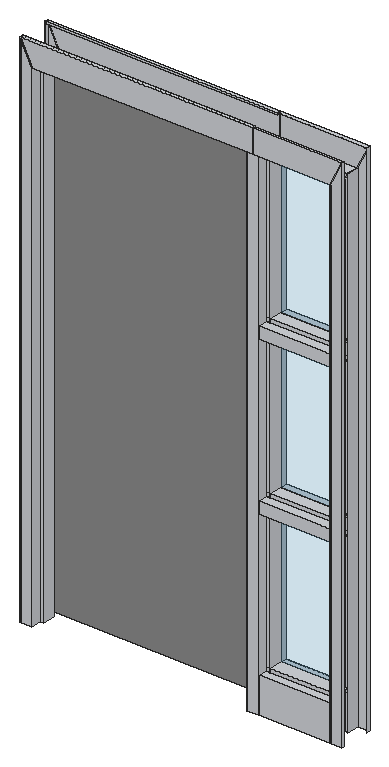
Revit family "Three SideLight Ext-F-MDMF-36 x 84 -18 LSLT-4 Head", category Doors, host Wall, Revit 2014
Parameters (values of type "Ext-F-MDMF-36" x 84"-18"LSLT-4" Head")
  Width = Door Panel Width  # 3' - 0"
  Wall Thickness [instance] = 0' - 5 3/4"
  URL = ""
  Type Comments = "EXT,"
  Thickness = 0' - 1 3/4"
  Swing Angle [instance] = 90.00°
  Sidelite Width = P1 Width - 0' 2"  # 1' - 0"
  SDI RO Spacing = 0' - 0"
  SDI Panel 1 Width = Leaf Width + 0' 0 3/16"  # 3' - 0"
  SDI No Panels = ""
  SDI Left Sidelite Width = Sidelite Width  # 1' - 0"
  SDI HW Set [instance] = ""
  SDI HW Item LO-2 [instance] = ""
  SDI HW Item LO-1 [instance] = ""
  SDI HW Item KP-2 [instance] = ""
  SDI HW Item KP-1 [instance] = ""
  SDI HW Item HI-2 [instance] = ""
  SDI HW Item HI-1 [instance] = ""
  SDI HW Item HC-2 [instance] = ""
  SDI HW Item HC-1 [instance] = ""
  SDI HW Item ED-2 [instance] = ""
  SDI HW Item ED-1 [instance] = ""
  SDI HW Item DO-2 [instance] = ""
  SDI HW Item DO-1 [instance] = ""
  SDI HW Item CL-2 [instance] = ""
  SDI HW Item CL-1 [instance] = ""
  SDI Glass Material = Glass
  SDI Frame Type = "Panel Left Sidelite"
  SDI Frame Sill Width = 0' - 6"
  SDI Frame Material Type = "Hollow Metal"
  SDI Frame Material = Paint - Generic - Prime
  SDI Frame Manufacturer = ""
  SDI Frame Jamb Width = 0' - 2"
  SDI Frame Head Width = 0' - 4"
  SDI Frame Finish Type = "Painted"
  SDI Frame Finish Color = "Prime"
  SDI Frame Depth [instance] = 0' - 5 3/4"
  SDI Family Version = "1.0"
  SDI Door Panel Type = "F"
  SDI Door Material Type = "Hollow Metal"
  SDI Door Material = Paint - Generic - Prime
  SDI Door Manufacturer = ""
  SDI Door Finish Type = "Painted"
  SDI Door Finish Color = "Prime"
  SDI Door Configuration = "SG"
  SDI Arch Frame Type [instance] = ""
  SDI Arch Frame Material Type [instance] = "HM"
  SDI Arch Door Panel Type [instance] = "F"
  SDI Arch Door Material Type [instance] = "HM"
  SDI Adjacent Wall Placement = 0' - 4"
  Rough Width = Frame Width - 0' 0" + 2 * SDI RO Spacing  # 4' - 6"
  Rough Height = Frame Height - 0' 0" + SDI RO Spacing  # 7' - 4"
  R1 Height = 7' - 2"
  P2 Width = 3' - 2"
  P1 Width = 1' - 2"
  Model = "Ext-F-MDMF-36\" x 84\"-18\"LSLT-4\" Head"
  Manufacturer = ""
  Leaf Width = P2 Width - 0' 2 3/16"  # 2' - 11 13/16"
  Height = Door Panel Height  # 7' - 0"
  Glass Offset [instance] = 0' 2 1/16" + (SDI Frame Depth - 0' 5 3/4") / 2  # 0' - 2 1/16"
  Function = Exterior
  Frame Width = P1 Width + P2 Width + 0' 2"  # 4' - 6"
  Frame Offset [instance] = if(Aligned Exterior, SDI Frame Depth / 2, if(Aligned Center, Wall Thickness / 2, if(Aligned Interior, Wall Thickness - SDI Frame Depth + SDI Frame Depth / 2, Aligned Other)))  # 0' - 2 7/8"
  Frame Height = R1 Height + 0' 2"  # 7' - 4"
  Fire Rating = ""
  Exterior Glazing [instance] = no
  Door Panel Width = P2 Width - 0' 2"  # 3' - 0"
  Door Panel Height = R1 Height + 0' 2" - (0' 4")  # 7' - 0"
  Door Offset [instance] = 0' 2 13/16" + (SDI Frame Depth - 0' 5 3/4") / 2  # 0' - 2 13/16"
  Description = "Three SideLight Hollow Metal Door with Hollow Metal Frame"
  Cost = 0
  Assembly Code = "B2030220"
  Analytic Construction = "<None>"
  Aligned Other [instance] = 0' - 0"
  Aligned Interior [instance] = no
  Aligned Exterior [instance] = yes
  Aligned Center [instance] = no
  ADA Clearance Lines = no
Reference planes (in)
  plane 1: y = 0
  plane 2 "Center (Left/Right)": x = 0
  plane 3 "Wall Edge": y = 2.875
  plane 4 "Wall Interior": y = -2.875
  plane 5 "ModelRefLevel": z = 0
  plane 6 "FrameDepthPlane": y = 0
  plane 7 "FrameFront": y = 2.875
  plane 8 "FrameBack": y = -2.875
  plane 9 "V0": x = 26
  plane 10 "V1": x = 12
  plane 11 "V2": x = -26
  plane 12 "H0": z = 1
  plane 13 "H1": z = 87
  plane 14 "InTermLeftJamb0": x = 25
  plane 15 "OutTermLeftJamb0": x = 27
  plane 16 "OutsideJamb1": x = 11
  plane 17 "InsideJamb1": x = 13
  plane 18 "InTermRightJamb2": x = -25
  plane 19 "OutTermRightJamb2": x = -27
  plane 20 "D0.151041666666667": y = 1.0625
  plane 21 "D0.109375": y = 1.5625
  plane 22 "DoorLeft": x = 11
  plane 23 "DoorRight": x = -25
  plane 24 "DoorCenter": x = -7
  plane 25 "DoorTop": z = 83.875
  plane 26 "DoorCenterTB": z = 41.9375
  plane 27 "DoorExtFace": y = 2.8125
  plane 28 "DoorGlassFace": y = 2.0625
  plane 29 "LockCenterLine": z = 41.3125
  plane 30 "ActDoorRight": x = -24.90625
  plane 31 "SwingClrPlane": y = 62.875
  plane 32 "SwingPartialPlane": y = 50.875
  plane 33 "LeftAdjWall": x = 31
  plane 34: z = 44
  plane 35: z = 57.5625
  plane 36: z = 31.25
  plane 37: z = 4.9375
Forms (in)
  Extrusion 1, solid
    sketch origin (145.6875, 0, 44) x (-1, 0, 0) y (0, -1, 0)
      loop
        line (118.6875, -2.375) -> (118.6875, -2.875) -> (120.6875, -2.875) -> (120.6875, -0.9375) -> (121.3125, -0.9375) -> (121.3125, 1.3125) -> (120.6875, 1.3125) -> (120.6875, 2.875) -> (118.6875, 2.875) -> (118.6875, 2.4375) -> (118.75, 2.4375) -> (118.75, 2.8125) -> (120.625, 2.8125) -> (120.625, 1.25) -> (121.25, 1.25) -> (121.25, -0.875) -> (120.625, -0.875) -> (120.625, -2.8125) -> (118.75, -2.8125) -> (118.75, -2.375) -> (118.6875, -2.375)
    from -44 to 44
  Extrusion 2, void
    sketch origin (0, 2.875, 0) x (1, 0, 0) y (0, 0, 1)
      loop
        line (27, 88) -> (24.375, 88) -> (24.375, 82.75) -> (27, 88)
    from -12 to 12
  Extrusion 3, solid
    sketch origin (132, 0, 42) x (-1, 0, 0) y (0, -1, 0)
      loop
        line (119, -2.875) -> (121, -2.875) -> (121, -0.9375) -> (121.625, -0.9375) -> (121.625, 1.3125) -> (121, 1.3125) -> (121, 2.875) -> (119, 2.875) -> (119, 1.3125) -> (118.375, 1.3125) -> (118.375, -0.9375) -> (119, -0.9375) -> (119, -2.875)
      loop
        line (119.0625, -2.8125) -> (120.9375, -2.8125) -> (120.9375, -0.875) -> (121.5625, -0.875) -> (121.5625, 1.25) -> (120.9375, 1.25) -> (120.9375, 2.8125) -> (119.0625, 2.8125) -> (119.0625, 1.25) -> (118.4375, 1.25) -> (118.4375, -0.875) -> (119.0625, -0.875) -> (119.0625, -2.8125)
    from -42 to 42
  Extrusion 4, solid
    sketch origin (94.3125, 0, 44) x (-1, 0, 0) y (0, -1, 0)
      loop
        line (121.25, -2.375) -> (121.25, -2.8125) -> (119.375, -2.8125) -> (119.375, -0.875) -> (118.75, -0.875) -> (118.75, 1.25) -> (119.375, 1.25) -> (119.375, 2.8125) -> (121.25, 2.8125) -> (121.25, 2.4375) -> (121.3125, 2.4375) -> (121.3125, 2.875) -> (119.3125, 2.875) -> (119.3125, 1.3125) -> (118.6875, 1.3125) -> (118.6875, -0.9375) -> (119.3125, -0.9375) -> (119.3125, -2.875) -> (121.3125, -2.875) -> (121.3125, -2.375) -> (121.25, -2.375)
    from -44 to 44
  Extrusion 5, void
    sketch origin (0, 2.875, 0) x (1, 0, 0) y (0, 0, 1)
      loop
        line (-27, 88) -> (-24.375, 82.75) -> (-24.375, 88) -> (-27, 88)
    from -12 to 12
  Extrusion 6, solid
    sketch origin (19, 0, 3.3125) x (0, 1, 0) y (0, 0, 1)
      loop
        line (2.375, -3.3125) -> (2.875, -3.3125) -> (2.875, 2.6875) -> (0.9375, 2.6875) -> (0.9375, 3.3125) -> (-1.3125, 3.3125) -> (-1.3125, 2.6875) -> (-2.875, 2.6875) -> (-2.875, -3.3125) -> (-2.4375, -3.3125) -> (-2.4375, -3.25) -> (-2.8125, -3.25) -> (-2.8125, 2.625) -> (-1.25, 2.625) -> (-1.25, 3.25) -> (0.875, 3.25) -> (0.875, 2.625) -> (2.8125, 2.625) -> (2.8125, -3.25) -> (2.375, -3.25) -> (2.375, -3.3125)
    from -6 to 6
  Extrusion 7, solid
    sketch origin (19.5, 0, 85.6875) x (0, 1, 0) y (0, 0, 1)
      loop
        line (2.375, 2.25) -> (2.8125, 2.25) -> (2.8125, -1.625) -> (0.875, -1.625) -> (0.875, -2.25) -> (-1.25, -2.25) -> (-1.25, -1.625) -> (-2.8125, -1.625) -> (-2.8125, 2.25) -> (-2.4375, 2.25) -> (-2.4375, 2.3125) -> (-2.875, 2.3125) -> (-2.875, -1.6875) -> (-1.3125, -1.6875) -> (-1.3125, -2.3125) -> (0.9375, -2.3125) -> (0.9375, -1.6875) -> (2.875, -1.6875) -> (2.875, 2.3125) -> (2.375, 2.3125) -> (2.375, 2.25)
    from -7.5 to 7.5
  Extrusion 8, void
    sketch origin (0, 2.875, 0) x (1, 0, 0) y (0, 0, 1)
      loop
        line (27, 88) -> (24.6875, 83.375) -> (27, 83.375) -> (27, 88)
    from -12 to 12
  Extrusion 9, solid
    sketch origin (-7.5, 0, 85.6875) x (0, 1, 0) y (0, 0, 1)
      loop
        line (2.4375, 1.9375) -> (2.4375, 2.25) -> (2.8125, 2.25) -> (2.8125, -1.625) -> (0.875, -1.625) -> (0.875, -2.25) -> (-1.25, -2.25) -> (-1.25, -1.625) -> (-2.8125, -1.625) -> (-2.8125, 2.25) -> (-2.4375, 2.25) -> (-2.4375, 1.9375) -> (-2.375, 1.9375) -> (-2.375, 2.3125) -> (-2.875, 2.3125) -> (-2.875, -1.6875) -> (-1.3125, -1.6875) -> (-1.3125, -2.3125) -> (0.9375, -2.3125) -> (0.9375, -1.6875) -> (2.875, -1.6875) -> (2.875, 2.3125) -> (2.375, 2.3125) -> (2.375, 1.9375) -> (2.4375, 1.9375)
    from -19.5 to 19.5
  Extrusion 10, void
    sketch origin (0, 2.875, 0) x (1, 0, 0) y (0, 0, 1)
      loop
        line (-27, 88) -> (-27, 83.375) -> (-24.6875, 83.375) -> (-27, 88)
    from -12 to 12
  Extrusion 11, solid, material "Glass" <- "SDI Glass Material"
    sketch origin (-60, 1.0625, -12) x (1, 0, 0) y (0, 0, 1)
      loop
        line (85, 18) -> (85, 42.25) -> (73, 42.25) -> (73, 18) -> (85, 18)
      loop
        line (73, 96) -> (73, 70.5625) -> (85, 70.5625) -> (85, 96) -> (73, 96)
      loop
        line (85, 68.5625) -> (73, 68.5625) -> (73, 44.25) -> (85, 44.25) -> (85, 68.5625)
    from -0.125 to 0.125
  Extrusion 12, solid, material "Glass" <- "SDI Glass Material", visible <- "Exterior Glazing"
    sketch origin (-60, 1.5625, -12) x (1, 0, 0) y (0, 0, 1)
      loop
        line (85, 18) -> (85, 41.6875) -> (73, 41.6875) -> (73, 18) -> (85, 18)
      loop
        line (73, 96) -> (73, 70.5625) -> (85, 70.5625) -> (85, 96) -> (73, 96)
      loop
        line (85, 68.625) -> (73, 68.625) -> (73, 44.25) -> (85, 44.25) -> (85, 68.625)
    from -0.125 to 0.125
  Extrusion 13, solid, material "Paint - Generic - Prime" <- "SDI Door Material"
    sketch origin (-60, 2.8125, -12) x (1, 0, 0) y (0, 0, 1)
      loop
        line (35.09375, 12.625) -> (70.90625, 12.625) -> (70.90625, 95.875) -> (35.09375, 95.875) -> (35.09375, 12.625)
    from 0 to 1.75
  Sweep 14, solid
    path origin (0, 2.875, 0) x (1, 0, 0) y (0, 0, 1)
      loop
        line (25, 44) -> (13, 44)
    profile origin (19, 2.875, 44) x (0, 0, -1) y (0, -1, 0)
      loop
        line (-12, 4.125) -> (-12.625, 4.125) -> (-12.625, 5.6875) -> (-14.5, 5.6875) -> (-14.5, 4.125) -> (-15.125, 4.125) -> (-15.125, 2) -> (-14.5, 2) -> (-14.5, 0.0625) -> (-12.625, 0.0625) -> (-12.625, 2) -> (-12, 2) -> (-12, 4.125)
      loop
        line (-14.5625, 0) -> (-12.5625, 0) -> (-12.5625, 1.9375) -> (-11.9375, 1.9375) -> (-11.9375, 4.1875) -> (-12.5625, 4.1875) -> (-12.5625, 5.75) -> (-14.5625, 5.75) -> (-14.5625, 4.1875) -> (-15.1875, 4.1875) -> (-15.1875, 1.9375) -> (-14.5625, 1.9375) -> (-14.5625, 0)
      loop
        line (14.3125, 4.125) -> (13.6875, 4.125) -> (13.6875, 5.6875) -> (11.8125, 5.6875) -> (11.8125, 4.125) -> (11.1875, 4.125) -> (11.1875, 2) -> (11.8125, 2) -> (11.8125, 0.0625) -> (13.6875, 0.0625) -> (13.6875, 2) -> (14.3125, 2) -> (14.3125, 4.125)
      loop
        line (11.75, 0) -> (13.75, 0) -> (13.75, 1.9375) -> (14.375, 1.9375) -> (14.375, 4.1875) -> (13.75, 4.1875) -> (13.75, 5.75) -> (11.75, 5.75) -> (11.75, 4.1875) -> (11.125, 4.1875) -> (11.125, 1.9375) -> (11.75, 1.9375) -> (11.75, 0)
Cuts and joins
  Extrusion 2 cuts Extrusion 1
  Extrusion 5 cuts Extrusion 4
  Extrusion 8 cuts Extrusion 7
  Extrusion 10 cuts Extrusion 9
Lines and regions (in)
  Opening 1
    outline origin (-60, -2.875, 0) x (1, 0, 0) y (0, 0, 1)
      loop
        line (87, 0) -> (87, 88) -> (33, 88) -> (33, 0) -> (87, 0)
  symbolic lines, style "DoorsFrameMullionProjection", detail levels fine
    curve 1: line (27, 2.375, 0) -> (27, 2.875, 0)
    curve 2: line (27, 2.875, 0) -> (25, 2.875, 0)
    curve 3: line (25, 2.875, 0) -> (25, 0.9375, 0)
    curve 4: line (25, 0.9375, 0) -> (24.375, 0.9375, 0)
    curve 5: line (24.375, 0.9375, 0) -> (24.375, -1.3125, 0)
    curve 6: line (24.375, -1.3125, 0) -> (25, -1.3125, 0)
    curve 7: line (25, -1.3125, 0) -> (25, -2.875, 0)
    curve 8: line (25, -2.875, 0) -> (27, -2.875, 0)
    curve 9: line (27, -2.875, 0) -> (27, -2.4375, 0)
    curve 10: line (27, -2.4375, 0) -> (26.9375, -2.4375, 0)
    curve 11: line (26.9375, -2.4375, 0) -> (26.9375, -2.8125, 0)
    curve 12: line (26.9375, -2.8125, 0) -> (25.0625, -2.8125, 0)
    curve 13: line (25.0625, -2.8125, 0) -> (25.0625, -1.25, 0)
    curve 14: line (25.0625, -1.25, 0) -> (24.4375, -1.25, 0)
    curve 15: line (24.4375, -1.25, 0) -> (24.4375, 0.875, 0)
    curve 16: line (24.4375, 0.875, 0) -> (25.0625, 0.875, 0)
    curve 17: line (25.0625, 0.875, 0) -> (25.0625, 2.8125, 0)
    curve 18: line (25.0625, 2.8125, 0) -> (26.9375, 2.8125, 0)
    curve 19: line (26.9375, 2.8125, 0) -> (26.9375, 2.375, 0)
    curve 20: line (26.9375, 2.375, 0) -> (27, 2.375, 0)
    curve 25: line (13, 2.875, 0) -> (11, 2.875, 0)
    curve 26: line (11, 2.875, 0) -> (11, 0.9375, 0)
    curve 27: line (11, 0.9375, 0) -> (10.375, 0.9375, 0)
    curve 28: line (10.375, 0.9375, 0) -> (10.375, -1.3125, 0)
    curve 29: line (10.375, -1.3125, 0) -> (11, -1.3125, 0)
    curve 30: line (11, -1.3125, 0) -> (11, -2.875, 0)
    curve 31: line (11, -2.875, 0) -> (13, -2.875, 0)
    curve 32: line (13, -2.875, 0) -> (13, -1.3125, 0)
    curve 33: line (13, -1.3125, 0) -> (13.625, -1.3125, 0)
    curve 34: line (13.625, -1.3125, 0) -> (13.625, 0.9375, 0)
    curve 35: line (13.625, 0.9375, 0) -> (13, 0.9375, 0)
    curve 36: line (13, 0.9375, 0) -> (13, 2.875, 0)
    curve 37: line (12.9375, 2.8125, 0) -> (11.0625, 2.8125, 0)
    curve 38: line (11.0625, 2.8125, 0) -> (11.0625, 0.875, 0)
    curve 39: line (11.0625, 0.875, 0) -> (10.4375, 0.875, 0)
    curve 40: line (10.4375, 0.875, 0) -> (10.4375, -1.25, 0)
    curve 41: line (10.4375, -1.25, 0) -> (11.0625, -1.25, 0)
    curve 42: line (11.0625, -1.25, 0) -> (11.0625, -2.8125, 0)
    curve 43: line (11.0625, -2.8125, 0) -> (12.9375, -2.8125, 0)
    curve 44: line (12.9375, -2.8125, 0) -> (12.9375, -1.25, 0)
    curve 45: line (12.9375, -1.25, 0) -> (13.5625, -1.25, 0)
    curve 46: line (13.5625, -1.25, 0) -> (13.5625, 0.875, 0)
    curve 47: line (13.5625, 0.875, 0) -> (12.9375, 0.875, 0)
    curve 48: line (12.9375, 0.875, 0) -> (12.9375, 2.8125, 0)
    curve 53: line (-26.9375, 2.375, 0) -> (-26.9375, 2.8125, 0)
    curve 54: line (-26.9375, 2.8125, 0) -> (-25.0625, 2.8125, 0)
    curve 55: line (-25.0625, 2.8125, 0) -> (-25.0625, 0.875, 0)
    curve 56: line (-25.0625, 0.875, 0) -> (-24.4375, 0.875, 0)
    curve 57: line (-24.4375, 0.875, 0) -> (-24.4375, -1.25, 0)
    curve 58: line (-24.4375, -1.25, 0) -> (-25.0625, -1.25, 0)
    curve 59: line (-25.0625, -1.25, 0) -> (-25.0625, -2.8125, 0)
    curve 60: line (-25.0625, -2.8125, 0) -> (-26.9375, -2.8125, 0)
    curve 61: line (-26.9375, -2.8125, 0) -> (-26.9375, -2.4375, 0)
    curve 62: line (-26.9375, -2.4375, 0) -> (-27, -2.4375, 0)
    curve 63: line (-27, -2.4375, 0) -> (-27, -2.875, 0)
    curve 64: line (-27, -2.875, 0) -> (-25, -2.875, 0)
    curve 65: line (-25, -2.875, 0) -> (-25, -1.3125, 0)
    curve 66: line (-25, -1.3125, 0) -> (-24.375, -1.3125, 0)
    curve 67: line (-24.375, -1.3125, 0) -> (-24.375, 0.9375, 0)
    curve 68: line (-24.375, 0.9375, 0) -> (-25, 0.9375, 0)
    curve 69: line (-25, 0.9375, 0) -> (-25, 2.875, 0)
    curve 70: line (-25, 2.875, 0) -> (-27, 2.875, 0)
    curve 71: line (-27, 2.875, 0) -> (-27, 2.375, 0)
    curve 72: line (-27, 2.375, 0) -> (-26.9375, 2.375, 0)
  symbolic lines, style "DoorsFrameMullionProjection", detail levels coarse+medium
    curve 21: line (25, -2.875, 0) -> (27, -2.875, 0)
    curve 22: line (25, 2.875, 0) -> (27, 2.875, 0)
    curve 23: line (25, -2.875, 0) -> (25, 2.875, 0)
    curve 24: line (27, -2.875, 0) -> (27, 2.875, 0)
    curve 49: line (11, -2.875, 0) -> (13, -2.875, 0)
    curve 50: line (11, 2.875, 0) -> (13, 2.875, 0)
    curve 51: line (11, -2.875, 0) -> (11, 2.875, 0)
    curve 52: line (13, -2.875, 0) -> (13, 2.875, 0)
    curve 73: line (-27, -2.875, 0) -> (-25, -2.875, 0)
    curve 74: line (-27, 2.875, 0) -> (-25, 2.875, 0)
    curve 75: line (-27, -2.875, 0) -> (-27, 2.875, 0)
    curve 76: line (-25, -2.875, 0) -> (-25, 2.875, 0)
  symbolic lines, style "Elevation Swing"
    curve 77: line (10.90625, 2.875, 83.875) -> (-24.90625, 2.875, 41.9375)
    curve 78: line (10.90625, 2.875, 0) -> (-24.90625, 2.875, 41.9375)
  symbolic lines, style "ADA Clearance", visible <- "ADA Clearance Lines"
    curve 79: line (-27, 2.875, 0) -> (-27, 62.875, 0)
    curve 80: line (29, 62.875, 0) -> (-27, 62.875, 0)
    curve 81: line (29, 50.875, 0) -> (-27, 50.875, 0)
    curve 82: line (29, 2.875, 0) -> (29, 62.875, 0)
    curve 83: line (-27, -2.875, 0) -> (-27, -50.875, 0)
    curve 84: line (23, -50.875, 0) -> (-27, -50.875, 0)
    curve 85: line (23, -2.875, 0) -> (23, -50.875, 0)
Text (in)
  text "Placement Side" at (0, 40.15149, 123.01588), in view "Right"
  text "Placement Side" at (-70.3804, 28.46503, 0), in view "Ref. Level"
  text "Placement Side" at (0, 81.62555, 140.59947), in view "Left"
Dimensions and locks (in)
  locked: plane 3 "Wall Edge" to host wall
  equal spacing: host wall, plane 2 "Center (Left/Right)", host wall
  "Rough Width": host wall to host wall
  "Rough Height": level to host wall
  equal spacing: plane 3 "Wall Edge", plane 1, plane 4 "Wall Interior"
  "Wall Thickness": host wall to host wall
  "Frame Offset": plane 3 "Wall Edge" to plane 6 "FrameDepthPlane"
  equal spacing: plane 7 "FrameFront", plane 6 "FrameDepthPlane", plane 8 "FrameBack"
  "SDI Frame Depth": plane 7 "FrameFront" to plane 8 "FrameBack"
  equal spacing: plane 9 "V0", plane 2 "Center (Left/Right)", plane 11 "V2"
  "P1 Width": plane 9 "V0" to plane 10 "V1"
  "P2 Width": plane 10 "V1" to plane 11 "V2"
  "R1 Height": plane 12 "H0" to plane 13 "H1"
  locked: plane 13 "H1" to Extrusion 1 at 1
  locked: plane 12 "H0" to Extrusion 1 at 1
  locked: plane 9 "V0" to Extrusion 1 at 1  (x4)
  locked: plane 9 "V0" to Extrusion 1 at 0.9375  (x5)
  locked: plane 9 "V0" to Extrusion 1 at 1.5625
  locked: plane 9 "V0" to Extrusion 1 at 1.625
  locked: plane 9 "V0" to curve 1 at 1
  locked: plane 9 "V0" to curve 2 at 1
  locked: plane 9 "V0" to curve 3 at 1
  locked: plane 9 "V0" to curve 4 at 1
  locked: plane 9 "V0" to curve 5 at 1.625
  locked: plane 9 "V0" to curve 6 at 1.625
  locked: plane 9 "V0" to curve 7 at 1
  locked: plane 9 "V0" to curve 8 at 1
  locked: plane 9 "V0" to curve 9 at 1
  locked: plane 9 "V0" to curve 10 at 1
  locked: plane 9 "V0" to curve 11 at 0.9375
  locked: plane 9 "V0" to curve 12 at 0.9375
  locked: plane 9 "V0" to curve 13 at 0.9375
  locked: plane 9 "V0" to curve 14 at 0.9375
  locked: plane 9 "V0" to curve 15 at 1.5625
  locked: plane 9 "V0" to curve 16 at 1.5625
  locked: plane 9 "V0" to curve 17 at 0.9375
  locked: plane 9 "V0" to curve 18 at 0.9375
  locked: plane 9 "V0" to curve 19 at 0.9375
  locked: plane 9 "V0" to curve 20 at 0.9375
  locked: plane 9 "V0" to plane 15 "OutTermLeftJamb0" at 1
  locked: plane 9 "V0" to plane 14 "InTermLeftJamb0" at 1
  locked: plane 9 "V0" to curve 21 at 1
  locked: plane 9 "V0" to curve 22 at 1
  locked: plane 9 "V0" to curve 23 at 1
  locked: plane 9 "V0" to curve 24 at 1
  locked: plane 13 "H1" to Extrusion 3 at 3
  locked: plane 12 "H0" to Extrusion 3 at 1
  locked: plane 10 "V1" to Extrusion 3 at 1  (x5)
  locked: plane 10 "V1" to Extrusion 3 at 1.625  (x2)
  locked: plane 10 "V1" to Extrusion 3 at 0.9375  (x4)
  locked: plane 10 "V1" to Extrusion 3 at 1.5625  (x2)
  locked: plane 10 "V1" to curve 25 at 1
  locked: plane 10 "V1" to curve 26 at 1
  locked: plane 10 "V1" to curve 27 at 1
  locked: plane 10 "V1" to curve 28 at 1.625
  locked: plane 10 "V1" to curve 29 at 1.625
  locked: plane 10 "V1" to curve 30 at 1
  locked: plane 10 "V1" to curve 31 at 1
  locked: plane 10 "V1" to curve 32 at 1
  locked: plane 10 "V1" to curve 33 at 1
  locked: plane 10 "V1" to curve 34 at 1.625
  locked: plane 10 "V1" to curve 35 at 1.625
  locked: plane 10 "V1" to curve 36 at 1
  locked: plane 10 "V1" to curve 37 at 0.9375
  locked: plane 10 "V1" to curve 38 at 0.9375
  locked: plane 10 "V1" to curve 39 at 0.9375
  locked: plane 10 "V1" to curve 40 at 1.5625
  locked: plane 10 "V1" to curve 41 at 1.5625
  locked: plane 10 "V1" to curve 42 at 0.9375
  locked: plane 10 "V1" to curve 43 at 0.9375
  locked: plane 10 "V1" to curve 44 at 0.9375
  locked: plane 10 "V1" to curve 45 at 0.9375
  locked: plane 10 "V1" to curve 46 at 1.5625
  locked: plane 10 "V1" to curve 47 at 1.5625
  locked: plane 10 "V1" to curve 48 at 0.9375
  locked: plane 10 "V1" to plane 16 "OutsideJamb1" at 1
  locked: plane 10 "V1" to plane 17 "InsideJamb1" at 1
  locked: plane 10 "V1" to curve 49 at 1
  locked: plane 10 "V1" to curve 50 at 1
  locked: plane 10 "V1" to curve 51 at 1
  locked: plane 10 "V1" to curve 52 at 1
  locked: plane 13 "H1" to Extrusion 4 at 1
  locked: plane 12 "H0" to Extrusion 4 at 1
  locked: plane 11 "V2" to Extrusion 4 at 0.9375  (x4)
  locked: plane 11 "V2" to Extrusion 4 at 1  (x5)
  locked: plane 11 "V2" to Extrusion 4 at 1.625
  locked: plane 11 "V2" to Extrusion 4 at 1.5625
  locked: plane 11 "V2" to curve 53 at 0.9375
  locked: plane 11 "V2" to curve 54 at 0.9375
  locked: plane 11 "V2" to curve 55 at 0.9375
  locked: plane 11 "V2" to curve 56 at 0.9375
  locked: plane 11 "V2" to curve 57 at 1.5625
  locked: plane 11 "V2" to curve 58 at 1.5625
  locked: plane 11 "V2" to curve 59 at 0.9375
  locked: plane 11 "V2" to curve 60 at 0.9375
  locked: plane 11 "V2" to curve 61 at 0.9375
  locked: plane 11 "V2" to curve 62 at 0.9375
  locked: plane 11 "V2" to curve 63 at 1
  locked: plane 11 "V2" to curve 64 at 1
  locked: plane 11 "V2" to curve 65 at 1
  locked: plane 11 "V2" to curve 66 at 1
  locked: plane 11 "V2" to curve 67 at 1.625
  locked: plane 11 "V2" to curve 68 at 1.625
  locked: plane 11 "V2" to curve 69 at 1
  locked: plane 11 "V2" to curve 70 at 1
  locked: plane 11 "V2" to curve 71 at 1
  locked: plane 11 "V2" to curve 72 at 1
  locked: plane 11 "V2" to plane 18 "InTermRightJamb2" at 1
  locked: plane 11 "V2" to plane 19 "OutTermRightJamb2" at 1
  locked: plane 11 "V2" to curve 73 at 1
  locked: plane 11 "V2" to curve 74 at 1
  locked: plane 11 "V2" to curve 75 at 1
  locked: plane 11 "V2" to curve 76 at 1
  locked: plane 9 "V0" to Extrusion 6 at 1
  locked: plane 10 "V1" to Extrusion 6 at 1
  locked: plane 12 "H0" to Extrusion 6 at 5  (x2)
  locked: plane 12 "H0" to Extrusion 6 at 5.625
  locked: plane 12 "H0" to Extrusion 6 at 0.9375  (x2)
  locked: plane 12 "H0" to Extrusion 6 at 1  (x3)
  locked: plane 12 "H0" to Extrusion 6 at 4.9375  (x2)
  locked: plane 12 "H0" to Extrusion 6 at 5.5625
  locked: plane 9 "V0" to Extrusion 7 at 1
  locked: plane 13 "H1" to Extrusion 7 at 2.9375  (x2)
  locked: plane 13 "H1" to Extrusion 7 at 3.5625
  locked: plane 13 "H1" to Extrusion 7 at 1  (x2)
  locked: plane 13 "H1" to Extrusion 7 at 0.9375  (x3)
  locked: plane 13 "H1" to Extrusion 7 at 3  (x2)
  locked: plane 13 "H1" to Extrusion 7 at 3.625
  locked: plane 11 "V2" to Extrusion 9 at 1
  locked: plane 13 "H1" to Extrusion 9 at 2.9375  (x2)
  locked: plane 13 "H1" to Extrusion 9 at 3.5625
  locked: plane 13 "H1" to Extrusion 9 at 1  (x2)
  locked: plane 13 "H1" to Extrusion 9 at 0.9375  (x3)
  locked: plane 13 "H1" to Extrusion 9 at 0.625  (x2)
  locked: plane 13 "H1" to Extrusion 9 at 3  (x2)
  locked: plane 13 "H1" to Extrusion 9 at 3.625
  locked: plane 7 "FrameFront" to cut or joined group of Extrusion 1, Extrusion 2 at 1.9375
  locked: plane 7 "FrameFront" to cut or joined group of Extrusion 1, Extrusion 2 at 2
  locked: plane 7 "FrameFront" to cut or joined group of Extrusion 1, Extrusion 2 at 0.0625
  locked: plane 7 "FrameFront" to cut or joined group of Extrusion 1, Extrusion 2 at 0.5
  locked: plane 8 "FrameBack" to cut or joined group of Extrusion 1, Extrusion 2 at 1.5625
  locked: plane 8 "FrameBack" to cut or joined group of Extrusion 1, Extrusion 2 at 0.4375
  locked: plane 8 "FrameBack" to cut or joined group of Extrusion 1, Extrusion 2 at 0.0625
  locked: plane 8 "FrameBack" to cut or joined group of Extrusion 1, Extrusion 2 at 1.625
  locked: plane 7 "FrameFront" to Extrusion 3 at 1.9375  (x2)
  locked: plane 7 "FrameFront" to Extrusion 3 at 0.0625
  locked: plane 7 "FrameFront" to Extrusion 3 at 2  (x2)
  locked: plane 8 "FrameBack" to Extrusion 3 at 1.5625  (x2)
  locked: plane 8 "FrameBack" to Extrusion 3 at 1.625  (x2)
  locked: plane 8 "FrameBack" to Extrusion 3 at 0.0625
  locked: plane 7 "FrameFront" to cut or joined group of Extrusion 4, Extrusion 5 at 0.0625
  locked: plane 7 "FrameFront" to cut or joined group of Extrusion 4, Extrusion 5 at 2
  locked: plane 7 "FrameFront" to cut or joined group of Extrusion 4, Extrusion 5 at 1.9375
  locked: plane 7 "FrameFront" to cut or joined group of Extrusion 4, Extrusion 5 at 0.5
  locked: plane 8 "FrameBack" to cut or joined group of Extrusion 4, Extrusion 5 at 1.625
  locked: plane 8 "FrameBack" to cut or joined group of Extrusion 4, Extrusion 5 at 0.0625
  locked: plane 8 "FrameBack" to cut or joined group of Extrusion 4, Extrusion 5 at 0.4375
  locked: plane 8 "FrameBack" to cut or joined group of Extrusion 4, Extrusion 5 at 1.5625
  locked: plane 7 "FrameFront" to Extrusion 6 at 1.9375
  locked: plane 7 "FrameFront" to Extrusion 6 at 2
  locked: plane 7 "FrameFront" to Extrusion 6 at 0.0625
  locked: plane 7 "FrameFront" to Extrusion 6 at 0.5
  locked: plane 8 "FrameBack" to Extrusion 6 at 1.5625
  locked: plane 8 "FrameBack" to Extrusion 6 at 0.4375
  locked: plane 8 "FrameBack" to Extrusion 6 at 0.0625
  locked: plane 8 "FrameBack" to Extrusion 6 at 1.625
  locked: plane 7 "FrameFront" to cut or joined group of Extrusion 7, Extrusion 8 at 0.0625
  locked: plane 7 "FrameFront" to cut or joined group of Extrusion 7, Extrusion 8 at 2
  locked: plane 7 "FrameFront" to cut or joined group of Extrusion 7, Extrusion 8 at 1.9375
  locked: plane 7 "FrameFront" to cut or joined group of Extrusion 7, Extrusion 8 at 0.5
  locked: plane 8 "FrameBack" to cut or joined group of Extrusion 7, Extrusion 8 at 1.625
  locked: plane 8 "FrameBack" to cut or joined group of Extrusion 7, Extrusion 8 at 0.0625
  locked: plane 8 "FrameBack" to cut or joined group of Extrusion 7, Extrusion 8 at 0.4375
  locked: plane 8 "FrameBack" to cut or joined group of Extrusion 7, Extrusion 8 at 1.5625
  locked: plane 7 "FrameFront" to cut or joined group of Extrusion 9, Extrusion 10 at 0.0625
  locked: plane 7 "FrameFront" to cut or joined group of Extrusion 9, Extrusion 10 at 2
  locked: plane 7 "FrameFront" to cut or joined group of Extrusion 9, Extrusion 10 at 1.9375
  locked: plane 7 "FrameFront" to cut or joined group of Extrusion 9, Extrusion 10 at 0.5
  locked: plane 7 "FrameFront" to cut or joined group of Extrusion 9, Extrusion 10 at 0.4375
  locked: plane 8 "FrameBack" to cut or joined group of Extrusion 9, Extrusion 10 at 1.625
  locked: plane 8 "FrameBack" to cut or joined group of Extrusion 9, Extrusion 10 at 0.0625
  locked: plane 8 "FrameBack" to cut or joined group of Extrusion 9, Extrusion 10 at 0.4375
  locked: plane 8 "FrameBack" to cut or joined group of Extrusion 9, Extrusion 10 at 0.5
  locked: plane 8 "FrameBack" to cut or joined group of Extrusion 9, Extrusion 10 at 1.5625
  locked: plane 7 "FrameFront" to curve 4 at 1.9375
  locked: plane 7 "FrameFront" to curve 16 at 2
  locked: plane 7 "FrameFront" to curve 18 at 0.0625
  locked: plane 7 "FrameFront" to curve 20 at 0.5
  locked: plane 7 "FrameFront" to curve 27 at 1.9375
  locked: plane 7 "FrameFront" to curve 35 at 1.9375
  locked: plane 7 "FrameFront" to curve 37 at 0.0625
  locked: plane 7 "FrameFront" to curve 39 at 2
  locked: plane 7 "FrameFront" to curve 47 at 2
  locked: plane 7 "FrameFront" to curve 54 at 0.0625
  locked: plane 7 "FrameFront" to curve 56 at 2
  locked: plane 7 "FrameFront" to curve 68 at 1.9375
  locked: plane 7 "FrameFront" to curve 72 at 0.5
  locked: plane 8 "FrameBack" to curve 6 at 1.5625
  locked: plane 8 "FrameBack" to curve 10 at 0.4375
  locked: plane 8 "FrameBack" to curve 12 at 0.0625
  locked: plane 8 "FrameBack" to curve 14 at 1.625
  locked: plane 8 "FrameBack" to curve 29 at 1.5625
  locked: plane 8 "FrameBack" to curve 33 at 1.5625
  locked: plane 8 "FrameBack" to curve 41 at 1.625
  locked: plane 8 "FrameBack" to curve 43 at 0.0625
  locked: plane 8 "FrameBack" to curve 45 at 1.625
  locked: plane 8 "FrameBack" to curve 58 at 1.625
  locked: plane 8 "FrameBack" to curve 60 at 0.0625
  locked: plane 8 "FrameBack" to curve 62 at 0.4375
  locked: plane 8 "FrameBack" to curve 66 at 1.5625
  locked: plane 7 "FrameFront" to Extrusion 11 at 1.9375
  locked: plane 7 "FrameFront" to Extrusion 11 at 1.6875
  locked: plane 7 "FrameFront" to Extrusion 12 at 1.4375
  locked: plane 7 "FrameFront" to Extrusion 12 at 1.1875
  locked: plane 10 "V1" to plane 22 "DoorLeft" at 1
  locked: plane 11 "V2" to plane 23 "DoorRight" at 1
  locked: plane 13 "H1" to plane 25 "DoorTop" at 3.125
  equal spacing: plane 25 "DoorTop", plane 26 "DoorCenterTB", plane 5 "ModelRefLevel"
  "Door Offset": plane 6 "FrameDepthPlane" to plane 27 "DoorExtFace"
  "Glass Offset": plane 6 "FrameDepthPlane" to plane 28 "DoorGlassFace"
  locked: plane 29 "LockCenterLine" to plane 5 "ModelRefLevel" at 41.3125
  locked: Extrusion 13 to Extrusion 13 at 1.75
  locked: plane 22 "DoorLeft" to Extrusion 13 at 0.09375
  locked: plane 23 "DoorRight" to Extrusion 13 at 0.09375
  locked: plane 5 "ModelRefLevel" to Extrusion 13 at 0.625
  locked: plane 23 "DoorRight" to plane 30 "ActDoorRight" at 0.09375
  locked: plane 3 "Wall Edge" to plane 31 "SwingClrPlane" at 60
  locked: plane 3 "Wall Edge" to plane 32 "SwingPartialPlane" at 48
  "SDI Adjacent Wall Placement": plane 15 "OutTermLeftJamb0" to plane 33 "LeftAdjWall"
  equal spacing: plane 12 "H0", plane 34, plane 13 "H1"
  plane 9 "V0" to Sweep 14 sketch curve to Sweep 14 sketch curve = 0' - 1" locked, 1' - 0" locked
  equal spacing: plane 25 "DoorTop", plane 35, plane 36, plane 37
  locked: plane 5 "ModelRefLevel" to plane 37 at 4.9375
  aligned and locked: plane 4 "Wall Interior" to host wall
  aligned and locked: Extrusion 7 to plane 10 "V1"
  aligned and locked: plane 10 "V1" to Extrusion 9
  aligned and locked: cut or joined group of Extrusion 1, Extrusion 2 to plane 7 "FrameFront"
  aligned and locked: plane 8 "FrameBack" to cut or joined group of Extrusion 1, Extrusion 2
  aligned and locked: Extrusion 3 to plane 7 "FrameFront"
  aligned and locked: plane 8 "FrameBack" to Extrusion 3
  aligned and locked: cut or joined group of Extrusion 4, Extrusion 5 to plane 7 "FrameFront"
  aligned and locked: plane 8 "FrameBack" to cut or joined group of Extrusion 4, Extrusion 5
  aligned and locked: Extrusion 6 to plane 7 "FrameFront"
  aligned and locked: plane 8 "FrameBack" to Extrusion 6
  aligned and locked: cut or joined group of Extrusion 7, Extrusion 8 to plane 7 "FrameFront"
  aligned and locked: plane 8 "FrameBack" to cut or joined group of Extrusion 7, Extrusion 8
  aligned and locked: cut or joined group of Extrusion 9, Extrusion 10 to plane 7 "FrameFront"
  aligned and locked: plane 8 "FrameBack" to cut or joined group of Extrusion 9, Extrusion 10
  aligned and locked: curve 2 to plane 7 "FrameFront"
  aligned and locked: plane 7 "FrameFront" to curve 22
  aligned and locked: curve 25 to plane 7 "FrameFront"
  aligned and locked: plane 7 "FrameFront" to curve 50
  aligned and locked: curve 70 to plane 7 "FrameFront"
  aligned and locked: plane 7 "FrameFront" to curve 74
  aligned and locked: plane 8 "FrameBack" to curve 8
  aligned and locked: plane 8 "FrameBack" to curve 31
  aligned and locked: plane 8 "FrameBack" to curve 64
  aligned and locked: Extrusion 13 to plane 27 "DoorExtFace"
  aligned and locked: Extrusion 13 to plane 25 "DoorTop"
  aligned and locked: plane 7 "FrameFront" to nested 1
  aligned and locked: plane 30 "ActDoorRight" to nested 1
  aligned and locked: curve 80 to plane 31 "SwingClrPlane"
  aligned and locked: curve 81 to plane 32 "SwingPartialPlane"
  aligned and locked: Sweep 14 sketch curve to plane 34
  aligned and locked: Sweep 14 to Extrusion 12 sketch curve  (x4)
  aligned and locked: Extrusion 11 sketch curve to Sweep 14  (x2)
  aligned and locked: Sweep 14 to Extrusion 11 sketch curve
Automatic sketch dimensions
  Opening 1 sketch curve to level = 0' - 0"
  Opening 1 sketch curve to plane 2 "Center (Left/Right)" = 2' - 3"
  plane 2 "Center (Left/Right)" to Opening 1 sketch curve = 2' - 3"
  level to Opening 1 sketch curve = 7' - 4"
  Extrusion 2 sketch curve to plane 9 "V0" = 0' - 1 5/8"
  plane 9 "V0" to Extrusion 2 sketch curve = 0' - 1"
  plane 13 "H1" to Extrusion 2 sketch curve = 0' - 4 1/4"
  Extrusion 2 sketch curve to plane 13 "H1" = 0' - 1"
  Extrusion 1 sketch curve to host wall = 0' - 0"
  host wall to Extrusion 1 sketch curve = 0' - 0"
  Extrusion 1 sketch curve to host wall = 0' - 0 1/2"
  plane 2 "Center (Left/Right)" to Extrusion 1 sketch curve = 2' - 3"  (x2)
  Extrusion 1 sketch curve to host wall = 0' - 0 7/16"
  Extrusion 1 sketch curve to Extrusion 1 sketch curve = 0' - 0 1/16"  (x7)
  plane 2 "Center (Left/Right)" to Extrusion 1 sketch curve = 2' - 1 1/16"  (x2)
  Extrusion 1 sketch curve to host wall = 0' - 0 1/16"  (x2)
  Extrusion 1 sketch curve to Extrusion 1 sketch curve = 0' - 0 9/16"
  Extrusion 1 sketch curve to host wall = 0' - 0 15/16"
  host wall to Extrusion 1 sketch curve = 0' - 1 1/4"
  plane 9 "V0" to curve 1 = 0' - 1"
  curve 3 to curve 4 = 0' - 0 5/8"
  curve 7 to plane 9 "V0" = 0' - 1"
  curve 9 to curve 10 = 0' - 0 1/16"
  curve 12 to curve 7 = 0' - 0 1/16"
  curve 14 to curve 5 = 0' - 0 1/16"
  curve 16 to curve 3 = 0' - 0 1/16"
  curve 1 to curve 18 = 0' - 0 1/16"
  Extrusion 3 sketch curve to host wall = 0' - 0"
  host wall to Extrusion 3 sketch curve = 0' - 0"
  plane 2 "Center (Left/Right)" to Extrusion 3 sketch curve = 1' - 1 5/8"
  Extrusion 3 sketch curve to Extrusion 3 sketch curve = 0' - 0 1/16"  (x10)
  plane 2 "Center (Left/Right)" to Extrusion 3 sketch curve = 1' - 1"
  Extrusion 3 sketch curve to Extrusion 3 sketch curve = 0' - 0 9/16"  (x2)
  Extrusion 3 sketch curve to host wall = 0' - 0 1/16"  (x2)
  plane 2 "Center (Left/Right)" to Extrusion 3 sketch curve = 0' - 11 1/16"  (x2)
  Extrusion 3 sketch curve to host wall = 0' - 0 15/16"  (x2)
  host wall to Extrusion 3 sketch curve = 0' - 1 1/4"  (x2)
  curve 29 to curve 28 = 0' - 0 5/8"
  curve 34 to curve 35 = 0' - 0 5/8"
  curve 37 to curve 25 = 0' - 0 1/16"
  curve 39 to curve 27 = 0' - 0 1/16"
  curve 41 to curve 29 = 0' - 0 1/16"
  curve 31 to curve 43 = 0' - 0 1/16"
  curve 33 to curve 45 = 0' - 0 1/16"
  curve 35 to curve 47 = 0' - 0 1/16"
  curve 50 to plane 17 "InsideJamb1" = 0' - 0"
  curve 51 to plane 16 "OutsideJamb1" = 0' - 0"
  Extrusion 5 sketch curve to plane 11 "V2" = 0' - 1"
  plane 11 "V2" to Extrusion 5 sketch curve = 0' - 1 5/8"
  plane 13 "H1" to Extrusion 5 sketch curve = 0' - 4 1/4"
  Extrusion 5 sketch curve to plane 13 "H1" = 0' - 1"
  host wall to Extrusion 4 sketch curve = 0' - 0"
  Extrusion 4 sketch curve to host wall = 0' - 0"
  Extrusion 4 sketch curve to plane 2 "Center (Left/Right)" = 2' - 0 3/8"
  Extrusion 4 sketch curve to Extrusion 4 sketch curve = 0' - 0 1/16"  (x7)
  Extrusion 4 sketch curve to Extrusion 4 sketch curve = 0' - 0 9/16"  (x2)
  Extrusion 4 sketch curve to host wall = 0' - 0 7/16"
  Extrusion 4 sketch curve to plane 2 "Center (Left/Right)" = 2' - 2 15/16"  (x2)
  Extrusion 4 sketch curve to host wall = 0' - 0 1/2"
  Extrusion 4 sketch curve to host wall = 0' - 0 1/16"  (x2)
  Extrusion 4 sketch curve to host wall = 0' - 0 15/16"
  host wall to Extrusion 4 sketch curve = 0' - 1 1/4"
  plane 11 "V2" to curve 54 = 0' - 0 15/16"
  curve 56 to curve 55 = 0' - 0 5/8"
  curve 60 to plane 11 "V2" = 0' - 0 15/16"
  curve 61 to curve 62 = 0' - 0 1/16"
  curve 65 to curve 58 = 0' - 0 1/16"
  curve 66 to curve 57 = 0' - 0 1/16"
  curve 68 to curve 55 = 0' - 0 1/16"
  curve 53 to curve 70 = 0' - 0 1/16"
  Extrusion 6 sketch curve to host wall = 0' - 0"  (x2)
  Extrusion 6 sketch curve to host wall = 0' - 0 1/16"  (x2)
  Extrusion 6 sketch curve to Extrusion 6 sketch curve = 0' - 0 3/8"
  host wall to Extrusion 6 sketch curve = 0' - 1 5/16"
  Extrusion 6 sketch curve to Extrusion 6 sketch curve = 0' - 0 1/16"  (x7)
  Extrusion 6 sketch curve to host wall = 0' - 0 7/8"
  Extrusion 6 sketch curve to Extrusion 6 sketch curve = 0' - 0 1/2"
  Extrusion 6 sketch curve to level = 0' - 0"  (x2)
  Extrusion 6 sketch curve to plane 12 "H0" = 0' - 4 15/16"  (x2)
  Extrusion 6 sketch curve to Extrusion 6 sketch curve = 0' - 0 9/16"
  Extrusion 8 sketch curve to plane 15 "OutTermLeftJamb0" = 0' - 0"
  Extrusion 8 sketch curve to plane 14 "InTermLeftJamb0" = 0' - 0 5/16"
  plane 13 "H1" to Extrusion 8 sketch curve = 0' - 3 5/8"
  Extrusion 8 sketch curve to plane 13 "H1" = 0' - 1"
  Extrusion 7 sketch curve to host wall = 0' - 0"  (x2)
  Extrusion 7 sketch curve to host wall = 0' - 0 1/16"  (x2)
  Extrusion 7 sketch curve to Extrusion 7 sketch curve = 0' - 0 3/8"
  host wall to Extrusion 7 sketch curve = 0' - 1 5/16"
  Extrusion 7 sketch curve to Extrusion 7 sketch curve = 0' - 0 1/16"  (x7)
  Extrusion 7 sketch curve to host wall = 0' - 0 7/8"
  Extrusion 7 sketch curve to host wall = 0' - 0 1/2"
  level to Extrusion 7 sketch curve = 6' - 11 3/8"
  Extrusion 7 sketch curve to Extrusion 7 sketch curve = 0' - 0 9/16"  (x2)
  Extrusion 7 sketch curve to plane 12 "H0" = 7' - 2 15/16"  (x2)
  Extrusion 10 sketch curve to plane 19 "OutTermRightJamb2" = 0' - 0"
  plane 18 "InTermRightJamb2" to Extrusion 10 sketch curve = 0' - 0 5/16"
  plane 13 "H1" to Extrusion 10 sketch curve = 0' - 3 5/8"
  Extrusion 10 sketch curve to plane 13 "H1" = 0' - 1"
  Extrusion 9 sketch curve to host wall = 0' - 0"  (x2)
  Extrusion 9 sketch curve to host wall = 0' - 0 1/16"  (x2)
  Extrusion 9 sketch curve to host wall = 0' - 0 7/16"
  Extrusion 9 sketch curve to Extrusion 9 sketch curve = 0' - 0 1/16"  (x9)
  host wall to Extrusion 9 sketch curve = 0' - 1 5/16"
  Extrusion 9 sketch curve to host wall = 0' - 0 7/8"
  Extrusion 9 sketch curve to host wall = 0' - 0 1/2"
  level to Extrusion 9 sketch curve = 6' - 11 3/8"
  Extrusion 9 sketch curve to Extrusion 9 sketch curve = 0' - 0 5/8"
  level to Extrusion 9 sketch curve = 7' - 0"
  Extrusion 9 sketch curve to plane 12 "H0" = 7' - 2 5/8"  (x2)
  Extrusion 9 sketch curve to Extrusion 9 sketch curve = 0' - 0 5/16"  (x2)
  Extrusion 11 sketch curve to plane 12 "H0" = 0' - 5"
  plane 13 "H1" to Extrusion 11 sketch curve = 0' - 3"
  Extrusion 13 sketch curve to plane 25 "DoorTop" = 0' - 0"
  plane 18 "InTermRightJamb2" to Extrusion 13 sketch curve = 0' - 0 3/32"
  Extrusion 13 sketch curve to plane 16 "OutsideJamb1" = 0' - 0 3/32"
  plane 12 "H0" to Extrusion 13 sketch curve = 0' - 0 3/8"
  curve 77 to plane 25 "DoorTop" = 0' - 0"
  curve 77 to plane 16 "OutsideJamb1" = 0' - 0 3/32"
  curve 78 to plane 26 "DoorCenterTB" = 0' - 0"
  curve 78 to plane 30 "ActDoorRight" = 0' - 0"
  curve 78 to level = 0' - 0"
  curve 78 to plane 16 "OutsideJamb1" = 0' - 0 3/32"
  curve 79 to host wall = 0' - 0"
  plane 15 "OutTermLeftJamb0" to curve 80 = 0' - 2"
  curve 81 to plane 19 "OutTermRightJamb2" = 0' - 0"
  curve 82 to host wall = 0' - 0"
  curve 83 to plane 19 "OutTermRightJamb2" = 0' - 0"
  host wall to curve 83 = 0' - 0"
  host wall to curve 83 = 4' - 0"
  curve 84 to plane 14 "InTermLeftJamb0" = 0' - 2"
  host wall to curve 85 = 0' - 0"
  Extrusion 12 sketch curve to plane 12 "H0" = 0' - 5"
  Extrusion 12 sketch curve to plane 25 "DoorTop" = 0' - 0 1/8"
  Extrusion 12 sketch curve to plane 14 "InTermLeftJamb0" = 0' - 0"  (x3)
  Extrusion 12 sketch curve to plane 17 "InsideJamb1" = 0' - 0"  (x3)
  Extrusion 11 sketch curve to plane 14 "InTermLeftJamb0" = 0' - 0"  (x3)
  Extrusion 11 sketch curve to plane 17 "InsideJamb1" = 0' - 0"  (x3)
  Sweep 14 sketch curve to plane 7 "FrameFront" = 0' - 0"  (x2)
  plane 35 to Sweep 14 sketch curve = 0' - 1 5/8"
  Sweep 14 sketch curve to Sweep 14 sketch curve = 0' - 0 1/16"  (x22)
  Sweep 14 sketch curve to Sweep 14 sketch curve = 0' - 0 9/16"  (x3)
  plane 35 to Sweep 14 sketch curve = 0' - 1"
  Sweep 14 sketch curve to plane 35 = 0' - 0 15/16"  (x2)
  plane 36 to Sweep 14 sketch curve = 0' - 1 5/8"
  plane 36 to Sweep 14 sketch curve = 0' - 1"  (x2)
  Sweep 14 sketch curve to plane 36 = 0' - 0 15/16"  (x2)
  plane 7 "FrameFront" to Sweep 14 sketch curve = 0' - 0 1/16"  (x2)
  Sweep 14 sketch curve to Sweep 14 sketch curve = 0' - 1 7/8"
  plane 7 "FrameFront" to Sweep 14 sketch curve = 0' - 1 15/16"  (x3)
  Sweep 14 sketch curve to Sweep 14 sketch curve = 0' - 2 1/8"  (x4)
  Sweep 14 sketch curve to Sweep 14 sketch curve = 0' - 1 1/2"  (x2)
  Extrusion 11 sketch curve to Extrusion 11 sketch curve = 0' - 2"
Nested families (in)
  nested 1: "SingleDoorPlanLines" at (-24.90625, 2.875, 0.625) x (-1, 0, 0) z (0, 0, 1), type "SingleDoorPlanLines"
Definition of nested family "SingleDoorPlanLines"
  Parameters (values of type "SingleDoorPlanLines")
    Width = 3' - 0"
    URL = ""
    Thickness = 0' - 1 3/4"
    Analytic Construction = "<None>"
    Swing Angle = 90.00°
  Reference planes (in)
    plane 1 "Front": y = 0
    plane 2: z = 0
    plane 3 "Right": x = 0
    plane 4 "Left": x = -36
  Lines and regions (in)
    symbolic lines, style "DoorsPanelProjection"
      curve 1: line (0, 0, 0) -> (0, 36, 0)
      curve 2: line (0, 36, 0) -> (-1.75, 36, 0)
      curve 3: line (-1.75, 36, 0) -> (-1.75, 0, 0)
      curve 4: line (-1.75, 0, 0) -> (0, 0, 0)
    model lines, style "InvisibleLines", not visible
      curve 5: line (0, 0, 0) -> (-38.99851, -0.34033, 0)
    symbolic lines, style "Plan Swing"
      curve 6: arc (-35.99863, -0.31416, 0) -> (-25.56667, 25.34453, 0) -> (0, 36, 0) r 36
  Dimensions and locks (in)
    "Thickness": curve 3 to curve 1
    "Width": curve 2 to curve 4
    "Width": plane 4 "Left" to plane 3 "Right"
    "Swing Angle": angle curve 1 to plane 1 "Front"
    locked: plane 1 "Front" to curve 5 (angle 0.50°)
  Automatic sketch dimensions
    curve 6 to plane 1 "Front" = 0' - 0"
    curve 6 to plane 3 "Right" = 0' - 0"
    curve 4 to plane 1 "Front" = 0' - 0"
    curve 4 to plane 3 "Right" = 0' - 0"
